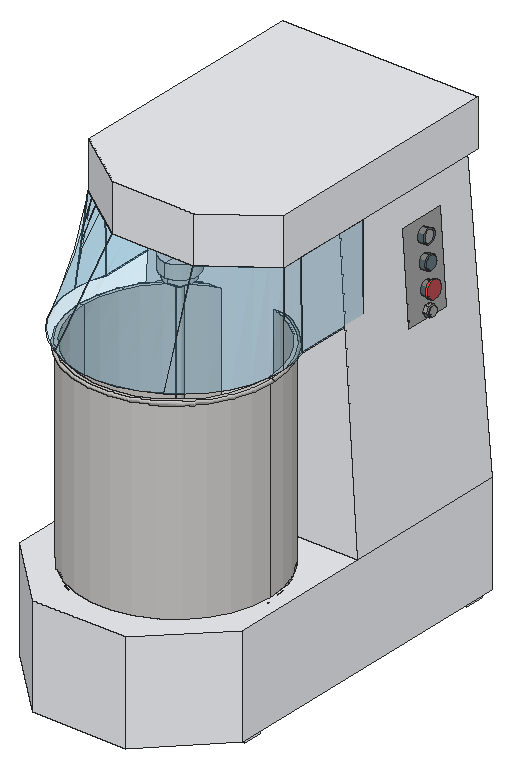
Revit family "QF_ELECTROLUXPROFESSIONAL_291254_ZSP40", category Specialty Equipment, Revit 2018
Family settings
  Round Connector Dimension = Use Diameter
  Part Type = Normal
  Work Plane-Based = No
  Always vertical = Yes
  Cut with Voids When Loaded = No
  Shared = No
  Room Calculation Point = No
Parameters (values of type "QF_ELECTROLUX_291254_ZSP40")
  Weight = 124.00 kg
  Watts = 0 W
  Volts = 400 V
  URL Manufacturer = "http://professional.electrolux.com"
  URL = "http://professional.electrolux.com"
  Steam Supply Size = 0 mm
  Steam Supply Minimum Pressure = 0.0 Pa
  Steam Supply Maximum Pressure = 0.0 Pa
  Steam Pounds per Hour = 0
  Refrigeration Suction Line Size = 0 mm
  Refrigeration Liquid Line Size = 0 mm
  Refrigerant Compressor Remote = yes
  Manufacturer = "Electrolux"
  Phase = 3
  Model = "ZSP40"
  Length Actual = 480 mm  # constant formula
  Item Number = "291254"
  Hot Water Size = 0 mm
  Height Actual = 950 mm  # constant formula
  HP = "1.5 HP"
  Gas Size = 0 mm
  Gas KW = 0
  Gas Input Pressure = 0 W
  Direct Waste Size = 0 mm
  Description = "SPIRAL DOUGH KNEADER 49L 1SP.400/3"
  Depth Actual = 810 mm  # constant formula
  Cycle = 50 Hz
  Condensate Return Size = 0 mm
  Compressed Air Volume = 0.0 L/s
  Compressed Air Size = 0 mm
  Compressed Air Pressure = 0.0 Pa
  Cold Water Size = 0 mm
  Accessory = yes
Types (2, lengths in mm): name | URL | Manufacturer | Phase | Model | Description
  (no name) | 0 | 0 | 0 | 0 | 0
  QF_ELECTROLUX_291254_ZSP40 | "http://professional.electrolux.com" | "Electrolux" | 3 | "ZSP40" | "SPIRAL DOUGH KNEADER 49L 1SP.400/3"
Values of the unnamed type that differ from the named types
  Volts = 0 V
  URL Manufacturer = ""
  Item Number = ""
  Cycle = 0 Hz
Reference planes
  plane 1 "Center (Front/Back)": y = 0
  plane 2: z = 0
  plane 3 "Center (Left/Right)": x = 0
  plane 4 "BASE": z = 225
  plane 5 "TOP": z = 950
  plane 6 "FRONT": y = -405
  plane 7 "BACK": y = 405
  plane 8 "LEFT": x = -240
  plane 9 "RIGHT": x = 240
  plane 10: z = 850
  plane 11 "CX": y = -145
  plane 12 "PANEL": through (252.56, -1524, 223.684) normal (-0.9953, 0, -0.0967)
Forms (mm)
  Extrusion 1, solid, material "QF_Finishes_White"
    sketch origin (0, 0, 0) x (1, 0, 0) y (0, 1, 0)
      loop
        line (-233.661, 385) -> (-233.661, 345) -> (-213.661, 345) -> (-213.661, 385) -> (-233.661, 385)
      loop
        line (-233.661, -211.73) -> (-233.661, -251.73) -> (-213.661, -251.73) -> (-213.661, -211.73) -> (-233.661, -211.73)
      loop
        line (233.661, 385) -> (213.661, 385) -> (213.661, 345) -> (233.661, 345) -> (233.661, 385)
      loop
        line (233.661, -211.73) -> (213.661, -211.73) -> (213.661, -251.73) -> (233.661, -251.73) -> (233.661, -211.73)
    from 0 to 10
  Extrusion 2, solid, material "QF_Finishes_White"
    sketch origin (0, 0, 0) x (1, 0, 0) y (0, 1, 0)
      loop
        line (-240, 405) -> (-240, -265) -> (-100, -405) -> (100, -405) -> (240, -265) -> (240, 405) -> (-240, 405)
    from 225 to 10
  Blend 3, solid, material "QF_Finishes_White"
    base sketch origin (0, 0, 0) x (1, 0, 0) y (0, 1, 0)
      loop
        line (-240, 405) -> (-240, 45) -> (240, 45) -> (240, 405) -> (-240, 405)
    top sketch origin (0, 0, 0) x (1, 0, 0) y (0, 1, 0)
      loop
        line (-200.517, 387.833) -> (-200.517, 45) -> (200.517, 45) -> (200.517, 387.833) -> (-200.517, 387.833)
    from 225 to 850
  Extrusion 4, solid, material "QF_Finishes_White"
    sketch origin (0, 0, 0) x (1, 0, 0) y (0, 1, 0)
      loop
        line (-210.116, 405) -> (-210.116, -116.585) -> (-87, -206.259) -> (87, -206.259) -> (210, -116.718) -> (210, 405) -> (-210.116, 405)
    from 950 to 850
  Revolve 5, solid, material "QF_Finishes_Stainless Steel"
    sketch origin (0, 20.508, -130) x (0, 1, 0) y (0, 0, 1)
      loop
        line (-116.74, 940) -> (-155.508, 940) -> (-155.508, 404.668) -> (-149.084, 404.668) -> (-149.084, 879.668) -> (-124.213, 896.444) -> (-124.213, 911.444) -> (-116.74, 911.444) -> (-116.74, 940)
      axis (-155.508, 404.668) -> (-155.508, 940)
    angle from 0 to 360
  Revolve 6, solid, material "QF_Finishes_Stainless Steel"
    sketch origin (0, -145, -17.253) x (0, 0, 1) y (1, 0, 0)
      loop
        line (663.04, 199.01) -> (663.04, 206.448)
        arc (663.04, 206.448) -> (659.488, 210) -> (655.937, 206.448) r 3.552
        line (655.937, 206.448) -> (655.937, 204.01) -> (240.325, 204.01)
        arc (240.325, 204.01) -> (229.489, 199.522) -> (225, 188.685) r 15.325
        line (225, 188.685) -> (225, 0) -> (230, 0) -> (230, 188.685)
        arc (230, 188.685) -> (233.024, 195.986) -> (240.325, 199.01) r 10.325
        line (240.325, 199.01) -> (663.04, 199.01)
      axis (225, 0) -> (663.04, 0)
    angle from 0 to 360
  Extrusion 7, solid, material "QF_Finishes_Gray"
    sketch origin (233.972, 0, 321.83) x (0.063374, 0, -0.99799) y (0, -1, 0)
      loop
        line (-459.766, -207.929) -> (-459.766, -307.929) -> (-269.766, -307.929) -> (-269.766, -207.929) -> (-459.766, -207.929)
    from 0 to -2
  Extrusion 8, solid, material "QF_Finishes_Rubber Black"
    sketch origin (233.972, 0, 321.83) x (0.063374, 0, -0.99799) y (0, -1, 0)
      loop
        circle (-428.413, -257.929) r 15
      loop
        circle (-428.413, -257.929) r 13
      loop
        circle (-378.413, -257.929) r 15
      loop
        circle (-378.413, -257.929) r 13
      loop
        circle (-328.413, -257.929) r 15
      loop
        circle (-328.413, -257.929) r 13
    from -2 to -16.389
  Extrusion 9, solid, material "QF_Finishes_Gray"
    sketch origin (233.972, 0, 321.83) x (0.063374, 0, -0.99799) y (0, -1, 0)
      loop
        circle (-428.413, -257.929) r 13
    from -2 to -16.389
  Extrusion 10, solid, material "QF_Finishes_Green"
    sketch origin (238.763, 0, 272.06) x (0.063374, 0, -0.99799) y (0, -1, 0)
      loop
        circle (-428.413, -257.929) r 13
    from -2 to -16.389
  Extrusion 11, solid, material "QF_Finishes_Red"
    sketch origin (233.972, 0, 321.83) x (0.063374, 0, -0.99799) y (0, -1, 0)
      loop
        circle (-328.413, -257.929) r 18
    from -16.389 to -20.985
  Extrusion 12, solid, material "QF_Finishes_Gray"
    sketch origin (233.972, 0, 321.83) x (0.063374, 0, -0.99799) y (0, -1, 0)
      loop
        line (-286.257, -270.541) -> (-275.335, -264.235) -> (-275.335, -251.623) -> (-286.257, -245.318) -> (-297.179, -251.623) -> (-297.179, -264.235) -> (-286.257, -270.541)
      loop
        circle (-286.257, -257.929) r 9
    from -12.471 to -2
  Extrusion 13, solid, material "QF_Finishes_Gray"
    sketch origin (233.972, 0, 321.83) x (0.063374, 0, -0.99799) y (0, -1, 0)
      loop
        circle (-286.257, -257.929) r 9
    from -2 to -16.389
  Extrusion 14, solid, material "QF_Finishes_Stainless Steel"
    sketch origin (0, 405, 0) x (-1, 0, 0) y (0, 0, 1)
      loop
        circle (0, 160) r 10
    from 0 to 3.664
  Blend 15, solid, material "Glass"
    base sketch origin (0, 0, 0) x (1, 0, 0) y (0, 1, 0)
      loop
        line (-211.186, 94.595) -> (-213.185, 94.595) -> (-213.185, -67.109)
        arc (-213.185, -67.109) -> (-222.341, -99.916) -> (-225.986, -133.782) r 206.788
        arc (-225.986, -133.782) -> (-198.524, -243.908) -> (-117.572, -323.462) r 209.087
        arc (-117.572, -323.462) -> (-0.591, -359.62) -> (116.459, -323.687) r 207.956
        arc (116.459, -323.687) -> (197.377, -244.357) -> (224.916, -134.437) r 208.714
        arc (224.916, -134.437) -> (221.266, -100.287) -> (212.001, -67.216) r 206.292
        line (212.001, -67.216) -> (212.001, 94.595) -> (210, 94.595) -> (210, -67.648)
        arc (210, -67.648) -> (219.244, -100.524) -> (222.881, -134.479) r 204.268
        arc (222.881, -134.479) -> (195.496, -243.545) -> (115.065, -322.133) r 206.696
        arc (115.065, -322.133) -> (-0.593, -357.552) -> (-116.18, -321.907) r 205.888
        arc (-116.18, -321.907) -> (-196.645, -243.093) -> (-223.952, -133.82) r 207.069
        arc (-223.952, -133.82) -> (-220.319, -100.151) -> (-211.186, -67.541) r 204.763
        line (-211.186, -67.541) -> (-211.186, 94.595)
    top sketch origin (0, 0, 0) x (1, 0, 0) y (0, 1, 0)
      loop
        line (-210.116, 94.595) -> (-212.116, 94.595) -> (-212.116, -70.405) -> (-212.116, -117.602) -> (-87.651, -208.259) -> (87.651, -208.259) -> (212, -117.736) -> (212, -70.405) -> (212, 94.595) -> (210, 94.595) -> (210, -70.405) -> (210, -116.718) -> (87, -206.259) -> (-87, -206.259) -> (-210.116, -116.585) -> (-210.116, -70.405) -> (-210.116, 94.595)
    from 663 to 850
Lines and regions (mm)
  symbolic lines
    curve 1: line (240, 405, 0) -> (-240, 405, 0)
    curve 2: line (-240, 405, 0) -> (-240, -265, 0)
    curve 3: line (-240, -265, 0) -> (-100, -405, 0)
    curve 4: line (-100, -405, 0) -> (100, -405, 0)
    curve 5: line (100, -405, 0) -> (240, -265, 0)
    curve 6: line (240, -265, 0) -> (240, 405, 0)
    curve 7: line (210, -116.718, 0) -> (210, 405, 0)
    curve 8: line (-210.116, 405, 0) -> (-210.116, -116.585, 0)
    curve 9: line (-210.116, -116.585, 0) -> (-87, -206.259, 0)
    curve 10: line (-87, -206.259, 0) -> (87, -206.259, 0)
    curve 11: line (87, -206.259, 0) -> (210, -116.718, 0)
    curve 12: arc (-117.572, -323.462, 0) -> (-213.357, -211.986, 0) -> (-212.116, -65.016, 0) r 209.087
    curve 13: arc (116.459, -323.687, 0) -> (-0.591, -359.62, 0) -> (-117.572, -323.462, 0) r 207.956
    curve 14: arc (224.916, -134.437, 0) -> (197.377, -244.357, 0) -> (116.459, -323.687, 0) r 208.714
    curve 15: arc (212.001, -67.216, 0) -> (221.266, -100.287, 0) -> (224.916, -134.437, 0) r 206.292
    curve 16: line (-240, 45, 0) -> (-210.116, 45, 0)
    curve 17: line (240, 45, 0) -> (210, 45, 0)
Dimensions and locks
  plane 4 "BASE" to level = 225 mm
  plane 5 "TOP" to level = 950 mm  (x2)
  equal spacing: plane 8 "LEFT", plane 3 "Center (Left/Right)", plane 9 "RIGHT"
  equal spacing: plane 7 "BACK", plane 1 "Center (Front/Back)", plane 6 "FRONT"
  plane 7 "BACK" to plane 6 "FRONT" = 810 mm
  plane 8 "LEFT" to plane 9 "RIGHT" = 480 mm
  plane 5 "TOP" to plane 10 = 100 mm
  plane 6 "FRONT" to plane 11 "CX" = 260 mm
  plane 11 "CX" to plane 6 "FRONT" = 260 mm
  plane 10 to level = 850 mm
  aligned and locked: level to plane 2
Automatic sketch dimensions
  plane 8 "LEFT" to Blend 3 sketch curve = 0 mm
  plane 9 "RIGHT" to Blend 3 sketch curve = 0 mm
  Blend 3 sketch curve to plane 1 "Center (Front/Back)" = 45 mm  (x2)
  Blend 3 sketch curve to plane 7 "BACK" = 0 mm
  plane 8 "LEFT" to Blend 3 sketch curve = 39.483 mm
  plane 9 "RIGHT" to Blend 3 sketch curve = 39.483 mm
  Blend 3 sketch curve to plane 7 "BACK" = 17.167 mm
  Revolve 5 sketch curve to plane 10 = 40 mm
  plane 11 "CX" to Revolve 5 sketch curve = 10 mm  (x2)
  Revolve 5 sketch curve to Revolve 5 sketch curve = 6.424 mm
  Revolve 5 sketch curve to Revolve 5 sketch curve = 24.871 mm
  Revolve 5 sketch curve to Revolve 5 sketch curve = 7.472 mm
  Revolve 5 sketch curve to plane 10 = 68.556 mm
  Revolve 5 sketch curve to Revolve 5 sketch curve = 15 mm
  Revolve 5 sketch curve to Revolve 5 sketch curve = 16.776 mm
  plane 4 "BASE" to Revolve 5 sketch curve = 49.668 mm
  Revolve 5 sketch curve to plane 10 = 55 mm
  Revolve 5 sketch curve to Revolve 5 sketch curve = 10 mm
  Revolve 6 sketch curve to Revolve 6 sketch curve = 0 mm  (x2)
  Revolve 6 sketch curve to plane 4 "BASE" = 17.253 mm
  Revolve 6 sketch curve to plane 3 "Center (Left/Right)" = 0 mm  (x2)
  Revolve 6 sketch curve to plane 4 "BASE" = 12.253 mm
  Revolve 6 sketch curve to Revolve 6 sketch curve = 10.325 mm
  plane 9 "RIGHT" to Revolve 6 sketch curve = 35.99 mm
  Revolve 6 sketch curve to plane 10 = 211.316 mm
  Revolve 6 sketch curve to Revolve 6 sketch curve = 3.552 mm
  Revolve 6 sketch curve to Revolve 6 sketch curve = 2.438 mm
  Revolve 6 sketch curve to Revolve 6 sketch curve = 15.605 mm
  plane 5 "TOP" to Revolve 6 sketch curve = 8.352 mm
  Extrusion 7 sketch curve to plane 7 "BACK" = 97.071 mm
  Extrusion 7 sketch curve to Extrusion 7 sketch curve = 190 mm
  Extrusion 7 sketch curve to Extrusion 7 sketch curve = 100 mm
  Extrusion 8 sketch curve to Extrusion 8 sketch curve = 0 mm  (x8)
  Extrusion 8 sketch curve to plane 7 "BACK" = 147.071 mm
  Extrusion 8 sketch curve to Extrusion 8 sketch curve = 50 mm  (x2)
  Extrusion 9 sketch curve to plane 7 "BACK" = 147.071 mm
  Extrusion 10 sketch curve to plane 7 "BACK" = 147.071 mm
  Extrusion 11 sketch curve to plane 7 "BACK" = 147.071 mm
  Extrusion 12 sketch curve to plane 7 "BACK" = 153.377 mm
  Extrusion 12 sketch curve to plane 7 "BACK" = 159.682 mm
  Extrusion 12 sketch curve to Extrusion 12 sketch curve = 10.922 mm  (x3)
  Extrusion 12 sketch curve to plane 7 "BACK" = 134.459 mm
  Extrusion 12 sketch curve to Extrusion 12 sketch curve = 0 mm
  Extrusion 12 sketch curve to Extrusion 12 sketch curve = 6.306 mm  (x4)
  Extrusion 13 sketch curve to plane 7 "BACK" = 147.071 mm
  Extrusion 14 sketch curve to plane 3 "Center (Left/Right)" = 0 mm
  Extrusion 14 sketch curve to plane 4 "BASE" = 65 mm
  Blend 15 sketch curve to Blend 15 sketch curve = 18.861 mm
  Blend 15 sketch curve to Blend 15 sketch curve = 12.784 mm  (x2)
  Blend 15 sketch curve to Blend 15 sketch curve = 16.589 mm  (x2)
  Blend 15 sketch curve to Blend 15 sketch curve = 11.517 mm  (x2)
  Blend 15 sketch curve to Blend 15 sketch curve = 18.871 mm  (x2)
  Blend 15 sketch curve to Blend 15 sketch curve = 12.757 mm
  Blend 15 sketch curve to Blend 15 sketch curve = 16.606 mm
  Blend 15 sketch curve to Blend 15 sketch curve = 11.51 mm  (x2)
  Blend 15 sketch curve to Blend 15 sketch curve = 0 mm  (x4)
  Blend 15 sketch curve to Blend 15 sketch curve = 19.059 mm  (x2)
  Blend 15 sketch curve to Blend 15 sketch curve = 12.48 mm  (x2)
  Blend 15 sketch curve to Blend 15 sketch curve = 16.666 mm  (x2)
  Blend 15 sketch curve to Blend 15 sketch curve = 11.09 mm  (x2)
  Blend 15 sketch curve to Blend 15 sketch curve = 19.07 mm  (x2)
  Blend 15 sketch curve to Blend 15 sketch curve = 12.454 mm  (x2)
  Blend 15 sketch curve to Blend 15 sketch curve = 16.684 mm  (x2)
  Blend 15 sketch curve to Blend 15 sketch curve = 11.084 mm  (x2)
  Blend 15 sketch curve to Blend 15 sketch curve = 2.272 mm
  Blend 15 sketch curve to Blend 15 sketch curve = 1.267 mm
  Blend 15 sketch curve to Blend 15 sketch curve = 0.011 mm  (x2)
  Blend 15 sketch curve to Blend 15 sketch curve = 0.027 mm
  Blend 15 sketch curve to Blend 15 sketch curve = 2.255 mm
  Blend 15 sketch curve to Blend 15 sketch curve = 1.274 mm
  Blend 15 sketch curve to Blend 15 sketch curve = 18.86 mm
  Blend 15 sketch curve to Blend 15 sketch curve = 37.919 mm
  Blend 15 sketch curve to Blend 15 sketch curve = 0.304 mm
  Blend 15 sketch curve to Blend 15 sketch curve = 35.527 mm
  Blend 15 sketch curve to Blend 15 sketch curve = 1.694 mm
  Blend 15 sketch curve to Blend 15 sketch curve = 37.93 mm  (x2)
  Blend 15 sketch curve to Blend 15 sketch curve = 0.329 mm
  Blend 15 sketch curve to Blend 15 sketch curve = 35.544 mm
  Blend 15 sketch curve to Blend 15 sketch curve = 1.7 mm
  Blend 15 sketch curve to Blend 15 sketch curve = 2.282 mm
  Blend 15 sketch curve to Blend 15 sketch curve = 1.24 mm
  Blend 15 sketch curve to Blend 15 sketch curve = 0.017 mm
  Blend 15 sketch curve to Blend 15 sketch curve = 0.007 mm
  Blend 15 sketch curve to Blend 15 sketch curve = 35.647 mm
  Blend 15 sketch curve to Blend 15 sketch curve = 0.963 mm
  Blend 15 sketch curve to Blend 15 sketch curve = 33.255 mm
  Blend 15 sketch curve to Blend 15 sketch curve = 0.427 mm
  Blend 15 sketch curve to Blend 15 sketch curve = 35.659 mm
  Blend 15 sketch curve to Blend 15 sketch curve = 0.937 mm
  Blend 15 sketch curve to Blend 15 sketch curve = 33.272 mm  (x2)
  Blend 15 sketch curve to Blend 15 sketch curve = 0.433 mm
  Blend 15 sketch curve to Blend 15 sketch curve = 2.266 mm
  Blend 15 sketch curve to Blend 15 sketch curve = 1.246 mm
  Blend 15 sketch curve to Blend 15 sketch curve = 12.756 mm
  Blend 15 sketch curve to Blend 15 sketch curve = 0.276 mm
  Blend 15 sketch curve to Blend 15 sketch curve = 35.537 mm
  Blend 15 sketch curve to Blend 15 sketch curve = 1.667 mm
  Blend 15 sketch curve to Blend 15 sketch curve = 37.941 mm
  Blend 15 sketch curve to Blend 15 sketch curve = 0.302 mm
  Blend 15 sketch curve to Blend 15 sketch curve = 35.555 mm
  Blend 15 sketch curve to Blend 15 sketch curve = 1.673 mm
  Blend 15 sketch curve to Blend 15 sketch curve = 16.605 mm
  Blend 15 sketch curve to Blend 15 sketch curve = 35.664 mm
  Blend 15 sketch curve to Blend 15 sketch curve = 0.97 mm
  Blend 15 sketch curve to Blend 15 sketch curve = 0.42 mm
  Blend 15 sketch curve to Blend 15 sketch curve = 35.675 mm
  Blend 15 sketch curve to Blend 15 sketch curve = 0.944 mm
  Blend 15 sketch curve to Blend 15 sketch curve = 33.289 mm
  Blend 15 sketch curve to Blend 15 sketch curve = 0.426 mm
  Blend 15 sketch curve to Blend 15 sketch curve = 2.392 mm
  Blend 15 sketch curve to Blend 15 sketch curve = 1.39 mm
  Blend 15 sketch curve to Blend 15 sketch curve = 0.026 mm
  Blend 15 sketch curve to Blend 15 sketch curve = 2.375 mm
  Blend 15 sketch curve to Blend 15 sketch curve = 1.396 mm
  Blend 15 sketch curve to Blend 15 sketch curve = 2.404 mm
  Blend 15 sketch curve to Blend 15 sketch curve = 1.365 mm
  Blend 15 sketch curve to Blend 15 sketch curve = 0.018 mm
  Blend 15 sketch curve to Blend 15 sketch curve = 0.006 mm
  Blend 15 sketch curve to Blend 15 sketch curve = 2.386 mm
  Blend 15 sketch curve to Blend 15 sketch curve = 1.371 mm
  plane 3 "Center (Left/Right)" to Blend 15 sketch curve = 16.293 mm
  plane 11 "CX" to Blend 15 sketch curve = 5.791 mm
  plane 8 "LEFT" to Blend 15 sketch curve = 28.814 mm
  Blend 15 sketch curve to Blend 15 sketch curve = 2 mm  (x4)
  plane 9 "RIGHT" to Blend 15 sketch curve = 30 mm  (x2)
  Blend 15 sketch curve to Blend 15 sketch curve = 2.001 mm
  plane 1 "Center (Front/Back)" to Blend 15 sketch curve = 67.648 mm
  Blend 15 sketch curve to Blend 15 sketch curve = 0.432 mm
  Blend 15 sketch curve to plane 1 "Center (Front/Back)" = 94.595 mm  (x4)
  Blend 15 sketch curve to plane 3 "Center (Left/Right)" = 116.18 mm
  Blend 15 sketch curve to Blend 15 sketch curve = 1.392 mm
  plane 11 "CX" to Blend 15 sketch curve = 11.18 mm
  Blend 15 sketch curve to Blend 15 sketch curve = 2.034 mm
  plane 3 "Center (Left/Right)" to Blend 15 sketch curve = 115.065 mm
  Blend 15 sketch curve to Blend 15 sketch curve = 1.394 mm
  plane 11 "CX" to Blend 15 sketch curve = 10.521 mm
  Blend 15 sketch curve to Blend 15 sketch curve = 2.035 mm
  Extrusion 2 sketch curve to plane 7 "BACK" = 0 mm
  Extrusion 2 sketch curve to plane 8 "LEFT" = 0 mm
  Extrusion 2 sketch curve to plane 6 "FRONT" = 0 mm
  Extrusion 2 sketch curve to plane 9 "RIGHT" = 0 mm
  Extrusion 2 sketch curve to plane 11 "CX" = 120 mm  (x2)
  Extrusion 2 sketch curve to plane 3 "Center (Left/Right)" = 100 mm
  Extrusion 2 sketch curve to Extrusion 2 sketch curve = 0 mm  (x2)
  plane 3 "Center (Left/Right)" to Extrusion 2 sketch curve = 100 mm
  plane 8 "LEFT" to Extrusion 1 sketch curve = 6.339 mm  (x2)
  Extrusion 1 sketch curve to Extrusion 1 sketch curve = 20 mm  (x2)
  plane 9 "RIGHT" to Extrusion 1 sketch curve = 26.339 mm  (x2)
  plane 9 "RIGHT" to Extrusion 1 sketch curve = 6.339 mm  (x2)
  Extrusion 1 sketch curve to plane 11 "CX" = 106.73 mm  (x2)
  Extrusion 1 sketch curve to Extrusion 1 sketch curve = 40 mm  (x2)
  Extrusion 1 sketch curve to plane 7 "BACK" = 60 mm  (x2)
  Extrusion 1 sketch curve to plane 7 "BACK" = 20 mm  (x2)
  Extrusion 4 sketch curve to plane 7 "BACK" = 0 mm
  plane 8 "LEFT" to Extrusion 4 sketch curve = 29.884 mm
  plane 9 "RIGHT" to Extrusion 4 sketch curve = 30 mm
  plane 11 "CX" to Extrusion 4 sketch curve = 28.415 mm
  plane 11 "CX" to Extrusion 4 sketch curve = 28.282 mm
  Extrusion 4 sketch curve to plane 11 "CX" = 61.259 mm
  Extrusion 4 sketch curve to plane 3 "Center (Left/Right)" = 87 mm
  plane 3 "Center (Left/Right)" to Extrusion 4 sketch curve = 87 mm
  plane 8 "LEFT" to Blend 15 sketch curve = 27.884 mm
  Blend 15 sketch curve to plane 3 "Center (Left/Right)" = 87 mm
  Blend 15 sketch curve to plane 11 "CX" = 61.259 mm
  plane 1 "Center (Front/Back)" to Blend 15 sketch curve = 70.405 mm  (x2)
  plane 3 "Center (Left/Right)" to Blend 15 sketch curve = 87 mm
  plane 11 "CX" to Blend 15 sketch curve = 27.264 mm
  plane 11 "CX" to Blend 15 sketch curve = 27.398 mm
  Blend 15 sketch curve to Blend 15 sketch curve = 1.018 mm  (x2)
  Blend 15 sketch curve to Blend 15 sketch curve = 0.651 mm  (x2)
  curve 1 to plane 7 "BACK" = 0 mm
  curve 1 to plane 8 "LEFT" = 0 mm
  curve 4 to plane 6 "FRONT" = 0 mm
  curve 17 to plane 9 "RIGHT" = 0 mm
  plane 8 "LEFT" to curve 8 = 29.884 mm
  curve 4 to plane 3 "Center (Left/Right)" = 100 mm
  curve 9 to plane 3 "Center (Left/Right)" = 87 mm
  plane 11 "CX" to curve 12 = 4.847 mm
  curve 12 to plane 3 "Center (Left/Right)" = 16.997 mm
  curve 13 to plane 3 "Center (Left/Right)" = 0.391 mm
  plane 11 "CX" to curve 14 = 4.42 mm
  plane 3 "Center (Left/Right)" to curve 14 = 16.293 mm
  curve 14 to curve 15 = 2.386 mm
  plane 3 "Center (Left/Right)" to curve 11 = 87 mm
  plane 3 "Center (Left/Right)" to curve 4 = 100 mm
  plane 9 "RIGHT" to curve 7 = 30 mm
  curve 5 to plane 11 "CX" = 120 mm
  curve 2 to plane 11 "CX" = 120 mm
  curve 9 to plane 11 "CX" = 61.259 mm
  curve 13 to plane 11 "CX" = 6.664 mm
  curve 14 to curve 15 = 1.371 mm
  plane 11 "CX" to curve 11 = 28.282 mm
  plane 11 "CX" to curve 9 = 28.415 mm
  plane 8 "LEFT" to curve 12 = 27.884 mm
  curve 13 to curve 3 = 17.572 mm
  curve 4 to curve 13 = 16.459 mm
  plane 9 "RIGHT" to curve 15 = 27.999 mm
  plane 11 "CX" to curve 15 = 10.563 mm
  plane 9 "RIGHT" to curve 15 = 15.084 mm
  curve 16 to plane 1 "Center (Front/Back)" = 45 mm
  curve 17 to plane 1 "Center (Front/Back)" = 45 mm
  radius of Extrusion 8 sketch curve = 15 mm  (x3)
  radius of Extrusion 8 sketch curve = 13 mm  (x3)
  radius of Extrusion 9 sketch curve = 13 mm
  radius of Extrusion 10 sketch curve = 13 mm
  radius of Extrusion 11 sketch curve = 18 mm
  radius of Extrusion 12 sketch curve = 9 mm
  radius of Extrusion 13 sketch curve = 9 mm
  radius of Extrusion 14 sketch curve = 10 mm
Connectors
  electrical at (0, 408.664, 160), driven by "Volts"
    settings: on Extrusion 14, index 1, voltage 400 V, apparent load 0 VA, apparent load phase1 0 VA, apparent load phase2 0 VA, apparent load phase3 0 VA, power factor 1, load classification "Other", number of poles 1, system type 30, power factor state 1, is connector primary yes, connector utility no, sub classification motor no, connector description "Electrical Connection"
